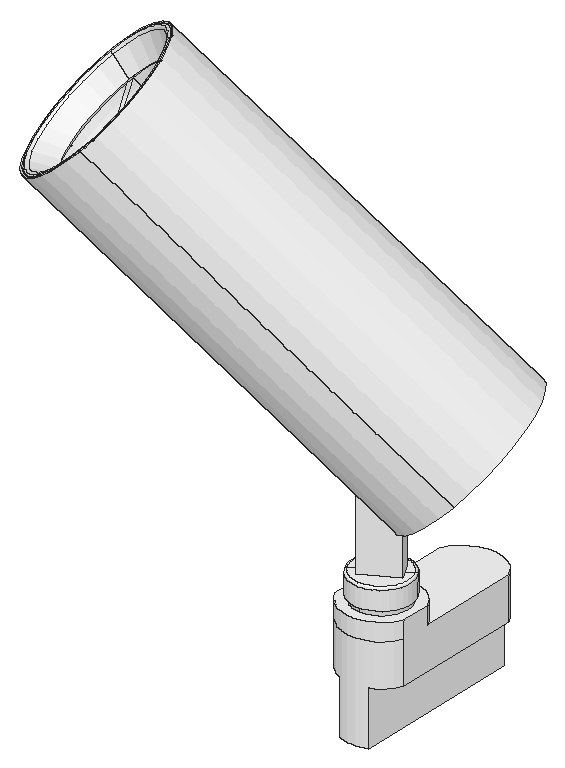
Revit family "0005424 Sylvania Lighting Fixture START Track Spot Integral 930 MB WB WHT", category Lighting Fixtures, host Face, Revit 2017
Family settings
  Host = Face
  Round Connector Dimension = Use Diameter
  Part Type = Normal
  OmniClass Number = 23.80.70.00
  OmniClass Title = Lighting
  Cut with Voids When Loaded = No
  Light Source = No
  Shared = No
  Room Calculation Point = No
Parameters (values of type "0005424 ST TRK SPT INTGRL 2700LM 930 MB WHT")
  Weight = "7.04 kg"
  Wattage Comments = ""
  WarrantyStartDate [instance] = "n/a"
  WarrantyGuarantorParts = "n/a"
  WarrantyDurationUnit = "n/a"
  WarrantyDurationParts = "n/a"
  WarrantyDescription = "n/a"
  Voltage = 230 V
  VerticalRotation_SYL [instance] = 60.00°
  VerticalEndAngle_SYL [instance] = VerticalRotation_SYL - 180.00°  # -120.00°
  URL = "http://www.sylvania-lighting.com"
  TypeName = "START Track Spot Integral 2700lm 930 MB WB WHT"
  TypeHead_SYL = START Track Spot Integral Head : 0005424 ST TRK SPT INTGRL 2700LM 930 MB WHT
  TypeArm_SYL = START Track Spot Integral Arm : START Track Spot Integral WH
  Type Image = <None>
  Type Comments = "n/a"
  SerialNumber [instance] = "n/a"
  Material_3_SYL = none
  PowerFactor = 0
  PowerConsumption = "33 W"
  NominalLength = 0 mm
  NominalHeight = 0 mm
  NominalDepth = 0 mm
  Name = "START Track Spot Integral 2700lm 930 MB WB WHT"
  ModelReference = Name  # "START Track Spot Integral 2700lm 930 MB WB WHT"
  ModelNumber = "0005424"
  Model = Name  # "START Track Spot Integral 2700lm 930 MB WB WHT"
  Material = "n/a"
  ManufacturerName = "Feilo Sylvania"
  Manufacturer = "Feilo Sylvania"
  LuminousEfficacy = "90.90 lm/W"
  LuminaireType = ""
  LightOutputRatio = "n/a"
  LampsType = Lamp  # "LED"
  LampNominalLuminous = "2700 lm"
  LampMacAdamStep = "3"
  LampColourTemperature = "3000"
  LampColourRenderingIndex = "90"
  Lamp = "LED"
  Keynote = "16500"
  InstallationDate [instance] = "n/a"
  InputVoltage = "220-240V~"
  InputNominalFrequency = "50/60 Hz"
  IngressProtection = "IP20"
  ImpactProtectionIndex = "IK03"
  IfcExportType = "IfcLightFixtureType"
  IfcExportAs = "IfcLightFixtureType"
  HorizontalRotation_SYL [instance] = 45.00°
  ExpectedLife = 50000
  ElectricShockClassification = "Class I"
  DurationUnit = "hours"
  DocumentationLiterature = "http://www.sylvania-lighting.com/product/en-int/products/0005424"
  DimmingControlOptions = "Non dimmable"
  Material_2_SYL = Spacer-Sylvania-StartTrackSpot-Aluminium
  Description = ""
  Default Elevation = 1219.2 mm
  CreatedOn = "9/6/2018"
  CreatedBy = ""
  Cost = 0
  built-in parameter 1114216 [instance] = (empty or 0)
  ClassificationValue = "EF_70_80"
  ClassificationName = "Uniclass2015"
  Material_1_SYL = Body-Sylvania-StartTrackSpot-White
  BarCode [instance] = "n/a"
  AssetType = "Fixed"
  AssetIdentifier [instance] = "n/a"
  Assembly Code = "D5020200"
  Apparent Load = 33 VA
  Material_4_SYL = none
Types (2, lengths in mm): name | TypeName | TypeHead_SYL | Name | ModelReference | Model | LuminousEfficacy | LampNominalLuminous
  0005424 ST TRK SPT INTGRL 2700LM 930 MB WHT | "START Track Spot Integral 2700lm 930 MB WB WHT" | START Track Spot Integral Head : 0005424 ST TRK SPT INTGRL 2700LM 930 MB WHT | "START Track Spot Integral 2700lm 930 MB WB WHT" | "START Track Spot Integral 2700lm 930 MB WB WHT" | "START Track Spot Integral 2700lm 930 MB WB WHT" | "90.90 lm/W" | "2700 lm"
  0005424 ST TRK SPT INTGRL 2800LM 930 WB WHT | "START Track Spot Integral 2800lm 930 MB WB WHT" | START Track Spot Integral Head : 0005424 ST TRK SPT INTGRL 2800LM 930 WB WHT | "START Track Spot Integral 2800lm 930 MB WB WHT" | "START Track Spot Integral 2800lm 930 MB WB WHT" | "START Track Spot Integral 2800lm 930 MB WB WHT" | "93.93 lm/W" | "2800 lm"
Reference planes
  plane 1 "Center (Front/Back)": y = 0
  plane 2: z = 0
  plane 3 "Center (Left/Right)": x = 0
  plane 4: x = 16.6
  plane 5: x = -16.6
  plane 6: x = 7
  plane 7: x = -7
  plane 8: x = -12.8
  plane 9: y = 42
  plane 10: y = 42
  plane 11: y = -42
  plane 12: y = 31.4
  plane 13: y = -31.4
  plane 14: z = -26
  plane 15: z = 20.3
  plane 16: z = 28.5
  plane 17: z = 31.2
  plane 18: y = -17.4
  plane 19: y = -6.8
  plane 20: y = -24.4
Forms (mm)
  Extrusion 1, solid, material "Body-Sylvania-StartTrackSpot-White" <- "Material_1_SYL"
    sketch origin (0, 0, 0) x (1, 0, 0) y (0, 1, 0)
      loop
        line (-16.6, 31.4) -> (-16.6, -31.4)
        arc (-16.6, -31.4) -> (0, -42) -> (16.6, -31.4) r 18.298
        line (16.6, -31.4) -> (16.6, 31.4)
        arc (16.6, 31.4) -> (0, 42) -> (-16.6, 31.4) r 18.298
    from -26 to 20.3
  Extrusion 2, void
    sketch origin (0, 0, 0) x (1, 0, 0) y (0, 1, 0)
      loop
        arc (-7, 40.608) -> (-12.666, 36.907) -> (-16.6, 31.4) r 18.298
        line (-16.6, 31.4) -> (-16.6, -31.4)
        arc (-16.6, -31.4) -> (-12.666, -36.907) -> (-7, -40.608) r 18.298
        line (-7, -40.608) -> (-7, 40.608)
      loop
        line (16.6, -31.4) -> (16.6, 31.4)
        arc (16.6, 31.4) -> (12.666, 36.907) -> (7, 40.608) r 18.298
        line (7, 40.608) -> (7, -40.608)
        arc (7, -40.608) -> (12.666, -36.907) -> (16.6, -31.4) r 18.298
    from 0 to -26
  Extrusion 3, solid, material "Body-Sylvania-StartTrackSpot-White" <- "Material_1_SYL"
    sketch origin (1223.4, -4572, 20.3) x (0, -1, 0) y (-1, 0, 0)
      loop
        line (-4540.6, 1240) -> (-4554.6, 1240)
        arc (-4554.6, 1240) -> (-4565.2, 1223.4) -> (-4554.6, 1206.8) r 18.298
        line (-4554.6, 1206.8) -> (-4540.6, 1206.8)
        arc (-4540.6, 1206.8) -> (-4530, 1223.4) -> (-4540.6, 1240) r 18.298
    from -8.2 to 0
  Extrusion 4, solid, material "Spacer-Sylvania-StartTrackSpot-Aluminium" <- "Material_2_SYL"
    sketch origin (1223.4, -4572, 28.5) x (0, -1, 0) y (-1, 0, 0)
      loop
        circle (-4547.6, 1223.4) r 12.7
    from 0 to -2.7
  Revolve 5, solid, not visible
    sketch origin (1524, -24.4, 1219.2) x (1, 0, 0) y (0, 0, 1)
      loop
        line (-1524, -1188) -> (-1524, -1168.735) -> (-1531, -1168.735) -> (-1531, -1188) -> (-1524, -1188)
      axis (-1524, -1168.735) -> (-1524, -1188)
    angle from 60 <- "VerticalRotation_SYL" to -120 <- "VerticalEndAngle_SYL"
Cuts and joins
  Extrusion 2 cuts Extrusion 1
  joined: Extrusion 1, Extrusion 3
Lines and regions (mm)
  reference lines
    curve 1: circle (0, -24.4, 0) r 12.7 normal (0, 0, 1)
    curve 2: arc (-16.6, -31.4, 0) -> (0, -42, 0) -> (16.6, -31.4, 0) r 18.298
    curve 3: arc (-16.6, -17.4, 0) -> (0, -6.8, 0) -> (16.6, -17.4, 0) r 18.298
    curve 4: arc (-16.6, 31.4, 0) -> (0, 42, 0) -> (16.6, 31.4, 0) r 18.298
Dimensions and locks
  plane 6 to plane 3 "Center (Left/Right)" to plane 7 = 7 mm locked, 7 mm locked
  plane 4 to plane 3 "Center (Left/Right)" to plane 5 = 16.6 mm locked, 16.6 mm locked
  locked: plane 3 "Center (Left/Right)" to plane 8 at 12.8
  plane 11 to plane 1 "Center (Front/Back)" to plane 10 = 42 mm locked, 42 mm locked
  plane 13 to plane 1 "Center (Front/Back)" to plane 12 = 31.4 mm locked, 31.4 mm locked
  locked: plane 2 to plane 14 at 26
  locked: plane 15 to plane 2 at 20.3
  plane 17 to plane 16 to plane 15 = 2.7 mm locked, 8.2 mm locked
  locked: plane 13 to plane 18 at 14
  locked: plane 18 to plane 19 at 10.6
  equal spacing: plane 13, plane 20, plane 18
  locked: plane 20 to curve 2 at 0.698
  locked: curve 3 to plane 20 at 0.698
  aligned and locked: plane 2 to host face
  aligned and locked: level to host face
  aligned and locked: plane 3 "Center (Left/Right)" to curve 1
  aligned and locked: plane 20 to curve 1
  aligned and locked: plane 13 to curve 2  (x2)
  aligned and locked: plane 18 to curve 3  (x2)
  aligned and locked: plane 12 to curve 4  (x2)
  aligned and locked: plane 4 to curve 4
  aligned and locked: plane 3 "Center (Left/Right)" to curve 4
  aligned and locked: plane 5 to curve 2
  aligned and locked: plane 5 to curve 3
  aligned and locked: plane 4 to curve 3
  aligned and locked: plane 4 to curve 2
  aligned and locked: plane 12 to Extrusion 1 sketch curve
  aligned and locked: plane 13 to Extrusion 1 sketch curve
  aligned and locked: Extrusion 1 sketch curve to curve 4
  aligned and locked: Extrusion 1 sketch curve to curve 2
  aligned and locked: Extrusion 1 to plane 15
  aligned and locked: plane 14 to Extrusion 1
  aligned and locked: Extrusion 2 sketch curve to Extrusion 1  (x5)
  aligned and locked: Extrusion 2 sketch curve to plane 7
  aligned and locked: plane 14 to Extrusion 2
  aligned and locked: level to Extrusion 2
  aligned and locked: Extrusion 3 sketch curve to cut or joined group of Extrusion 1, Extrusion 2, Extrusion 3  (x2)
  aligned and locked: Extrusion 3 sketch curve to curve 3
  aligned and locked: cut or joined group of Extrusion 1, Extrusion 2, Extrusion 3 to Extrusion 3 sketch curve
  aligned and locked: Extrusion 3 to plane 16
  aligned and locked: plane 15 to Extrusion 3
  aligned and locked: Extrusion 4 sketch curve to curve 1
  aligned and locked: Extrusion 4 to plane 17
  aligned and locked: plane 16 to Extrusion 4
  aligned and locked: Revolve 5 sketch curve to plane 3 "Center (Left/Right)"
  aligned and locked: Extrusion 4 to Revolve 5 sketch curve
  aligned and locked: Revolve 5 sketch curve to Extrusion 4
  aligned and locked: plane 17 to nested 1
Automatic sketch dimensions
  host sketch curve to host sketch curve = 2438.4 mm  (x2)
  plane 12 to curve 4 = 7.698 mm
  plane 12 to Extrusion 2 sketch curve = 0 mm
  Extrusion 2 sketch curve to Extrusion 2 sketch curve = 0 mm  (x2)
  Extrusion 2 sketch curve to plane 6 = 0 mm
  Revolve 5 sketch curve to plane 7 = 0 mm
  Revolve 5 sketch curve to Revolve 5 sketch curve = 19.265 mm
  plane 14 to Revolve 5 sketch curve = 583.6 mm
  Revolve 5 sketch curve to Revolve 5 sketch curve = 2558.594 mm
  radius of curve 1 = 12.7 mm
Nested families
  nested 1: "START Track Spot Integral Arm" at (0, -24.4, 31.2) x (0, 0, -1) z (0.866, 0.5, 0), type <- "TypeArm_SYL", HorizontalRotation_SYL <- "HorizontalRotation_SYL", type "START Track Spot Integral WH"
    with HorizontalRotation_SYL 45.00°, HorizontalEndAngle_SYL -135.00°
  nested 2: "START Track Spot Integral Head" at (18.677, -13.617, 104.767) x (-0.5, 0.866, 0) z (0.6124, 0.3536, -0.7071), type <- "TypeHead_SYL", type "0005424 ST TRK SPT INTGRL 2700LM 930 MB WHT"
    with built-in parameter 1114216 (empty or 0)
Connectors
  electrical at (0, 0, 0), driven by "Apparent Load", driven by "PowerFactor", driven by "Voltage"
    settings: index 1, voltage 230 V, apparent load 33 VA, apparent load phase1 0 VA, apparent load phase2 0 VA, apparent load phase3 0 VA, power factor 0, load classification "Lighting", number of poles 1, system type 30, power factor state 1, is connector primary yes, connector utility no, sub classification motor no, connector description ""
Definition of nested family "START Track Spot Integral Arm"
  Parameters (values of type "START Track Spot Integral WH")
    URL = "http://www.sylvania-lighting.com"
    Type Image = (empty or 0)
    Type Comments = "n/a"
    Material_3_SYL = none
    Model = ""
    Manufacturer = "Feilo Sylvania"
    Keynote = ""
    Material_2_SYL = none
    HorizontalRotation_SYL [instance] = 0.00°
    HorizontalEndAngle_SYL [instance] = HorizontalRotation_SYL - 180.00°  # -180.00°
    Description = ""
    Default Elevation = 1219.2 mm
    Cost = 0
    Material_1_SYL = none
    Assembly Code = ""
    Material_4_SYL = none
  Types (2): name
    START Track Spot Integral WH
    START Track Spot Integral BL
  Reference planes
    plane 1 "Center (Front/Back)": y = 0
    plane 2: z = 0
    plane 3 "Center (Left/Right)": x = 0
    plane 4: x = -10
    plane 5: z = -14
    plane 6: z = -14
    plane 7: z = 14
    plane 8: x = -52
    plane 9: z = 9
    plane 10: z = -9
    plane 11: x = -60
    plane 12: y = 4.5
    plane 13: y = -4.5
    plane 14: x = -9
    plane 15: z = 13
    plane 16: z = 4
    plane 17: z = -4
    plane 18: x = -55
  Forms (mm)
    Extrusion 1, solid
      sketch origin (4.2, 0, 0) x (1, 0, 0) y (0, 1, 0)
        loop
          line (-1219.2, 1219.2) -> (-1219.2, -1219.2) -> (1219.2, -1219.2) -> (1219.2, 1219.2) -> (-1219.2, 1219.2)
      from 0 to -68.017
    Revolve 2, solid, material <- "Material_1_SYL"
      sketch origin (0, 0, 0) x (1, 0, 0) y (0, 0, 1)
        loop
          line (0, 0) -> (0, 14) -> (-9, 14)
          arc (-9, 14) -> (-9.707, 13.707) -> (-10, 13) r 1
          line (-10, 13) -> (-10, 0) -> (0, 0)
        axis (-10, 0) -> (0, 0)
      angle from 360 to 0
    Extrusion 3, solid, material <- "Material_1_SYL"
      sketch origin (0, 0, 0) x (1, 0, 0) y (0, 0, 1)
        loop
          line (-10, 9) -> (-55, 9)
          arc (-55, 9) -> (-58.536, 7.536) -> (-60, 4) r 5
          line (-60, 4) -> (-60, -4)
          arc (-60, -4) -> (-58.536, -7.536) -> (-55, -9) r 5
          line (-55, -9) -> (-10, -9) -> (-10, 9)
      from -4.5 to 4.5
    Revolve 4, solid, not visible
      sketch origin (-52, -4572, 2609.058) x (0, 0, 1) y (0, -1, 0)
        loop
          line (-2609.058, -4553.46) -> (-2609.058, -4590.54) -> (-2605.058, -4590.54) -> (-2605.058, -4553.46) -> (-2609.058, -4553.46)
        axis (-2609.058, -4553.46) -> (-2609.058, -4590.54)
      angle from 0 <- "HorizontalRotation_SYL" to -180 <- "HorizontalEndAngle_SYL"
  Dimensions and locks
    locked: plane 3 "Center (Left/Right)" to plane 4 at 10
    plane 7 to plane 2 to plane 6 = 14 mm locked, 14 mm locked
    locked: plane 4 to plane 8 at 42
    plane 13 to plane 1 "Center (Front/Back)" to plane 12 = 4.5 mm locked, 4.5 mm locked
    locked: plane 14 to plane 4 at 1
    locked: plane 7 to plane 15 at 1
    locked: plane 9 to plane 16 at 5
    locked: plane 17 to plane 10 at 5
    equal spacing: Revolve 4 sketch curve, plane 1 "Center (Front/Back)", Revolve 4 sketch curve
    locked: Revolve 4 sketch curve to plane 1 "Center (Front/Back)" at 18.54
    locked: plane 18 to plane 11 at 5
    locked: plane 4 to plane 11 at 50
    aligned and locked: plane 2 to Extrusion 1
    aligned and locked: level to Extrusion 1
    aligned and locked: level to Revolve 2 sketch curve  (x2)
    aligned and locked: plane 3 "Center (Left/Right)" to Revolve 2 sketch curve
    aligned and locked: Revolve 2 sketch curve to plane 7
    aligned and locked: plane 4 to Revolve 2 sketch curve
    aligned and locked: plane 15 to Revolve 2 sketch curve
    aligned and locked: plane 14 to Revolve 2 sketch curve
    aligned and locked: Revolve 2 sketch curve to plane 2
    aligned and locked: Extrusion 3 sketch curve to plane 9
    aligned and locked: plane 4 to Extrusion 3 sketch curve
    aligned and locked: plane 10 to Extrusion 3 sketch curve
    aligned and locked: Extrusion 3 sketch curve to plane 11
    aligned and locked: plane 13 to Extrusion 3
    aligned and locked: Extrusion 3 to plane 12
    aligned and locked: plane 16 to Extrusion 3 sketch curve
    aligned and locked: plane 17 to Extrusion 3 sketch curve
    aligned and locked: Revolve 4 sketch curve to level
    aligned and locked: Revolve 4 sketch curve to plane 16
    aligned and locked: Revolve 4 sketch curve to plane 2
    aligned and locked: plane 18 to Extrusion 3 sketch curve  (x2)
Definition of nested family "START Track Spot Integral Head"
  Parameters (values of type "0005432 ST TRK SPT INTGRL 5000LM 940 WB WHT")
    WidthCutOut_SYL = 9.5 mm  # constant formula
    Wattage Comments = "n/a"
    Wattage = 55 W
    built-in parameter 1150110 = 1 (stored number, unit not read)
    URL = "http://www.sylvania-lighting.com"
    Type Image = (empty or 0)
    Type Comments = "n/a"
    built-in parameter 1114217 = 1 (stored number, unit not read)
    Tilt Angle = 90.00°
    built-in parameter 1150109 = 1 (stored number, unit not read)
    built-in parameter 1150134 = 12
    built-in parameter 1150113 = 1 (stored number, unit not read)
    S_SYL = no
    RadiusLensOut_SYL = if(S_SYL, 21 mm, if(M_SYL, 30.5 mm, 33 mm))  # 33 mm
    RadiusLensHolder_SYL = 1.8 mm  # constant formula
    RadiusHead_SYL = if(S_SYL, 30 mm, if(M_SYL, 40 mm, 45.5 mm))  # 45.5 mm
    RadiusEmission_SYL = if(S_SYL, 8 mm, if(M_SYL, 16.5 mm, 16.5 mm))  # 16.5 mm
    Photometric Web File = "0005432 WB.ies"
    Material_3_SYL = none
    Model = "ST TRK SPT INTGRL 5000LM 940 WB WHT"
    Manufacturer = "Feilo Sylvania"
    M_SYL = no
    built-in parameter 1150105 = 397.89 (stored number, unit not read)
    Lumens = 5000 lm
    built-in parameter 1150115 = 1 (stored number, unit not read)
    built-in parameter 1150137 = (empty or 0)
    built-in parameter 1150139 = (empty or 0)
    built-in parameter 1150112 = 1 (stored number, unit not read)
    built-in parameter 1150114 = 1 (stored number, unit not read)
    Lamp = "LED"
    Keynote = "16500"
    Material_2_SYL = none
    built-in parameter 1150132 = (empty or 0)
    built-in parameter 1150102 = (empty or 0)
    built-in parameter 1150107 = 4000 (stored number, unit not read)
    built-in parameter 1150138 = (empty or 0)
    built-in parameter 1150106 = 3.9789 (stored number, unit not read)
    Height_SYL = if(S_SYL, 160 mm, if(M_SYL, 200 mm, 215 mm))  # 215 mm
    Emit from Circle Diameter = RadiusLensOut_SYL * 2  # 66 mm
    Emit Shape Visible in Rendering = no
    built-in parameter 1150104 = 8.4457 (stored number, unit not read)
    DistRotateAxisY_SYL = 16.8 mm  # constant formula
    Dimming Lamp Color Temperature Shift = (empty or 0)
    Description = ""
    DepthLens_SYL = 1.25 * (RadiusHead_SYL - 1 mm - RadiusLensOut_SYL)  # 14.375 mm
    DepthEmission_SYL = Height_SYL / 6.4  # 33.594 mm
    DepthCutOut_SYL = WidthCutOut_SYL * 2  # 19 mm
    Default Elevation = 1219.2 mm
    Cost = 0
    Color Filter = 16777215
    built-in parameter 1114216 [instance] = (empty or 0)
    Material_1_SYL = none
    built-in parameter 1114218 = 1 (stored number, unit not read)
    built-in parameter 1150133 = 10 (stored number, unit not read)
    Assembly Code = "D5020200"
    Apparent Load = 55 VA
    Material_4_SYL = none
  Types (24, lengths in mm): name | Wattage | built-in parameter 1150134 | S_SYL | RadiusLensOut_SYL | RadiusHead_SYL | RadiusEmission_SYL | Photometric Web File | Model | M_SYL | built-in parameter 1150105 | Lumens | built-in parameter 1150107 | built-in parameter 1150106 | Height_SYL | Emit from Circle Diameter | built-in parameter 1150104 | DepthLens_SYL | DepthEmission_SYL | Apparent Load
    0005433 ST TRK SPT INTGRL 5000LM 940 WB BLK | 55 W | 12 | no | 33 | 45.5 | 16.5 | "0005433 WB.ies" | "ST TRK SPT INTGRL 5000LM 940 WB BLK" | no | 397.89 (stored number, unit not read) | 5000 lm | 4000 (stored number, unit not read) | 3.9789 (stored number, unit not read) | 215 | 66 | 8.4457 (stored number, unit not read) | 14.375 | 33.594 | 55 VA
    0005433 ST TRK SPT INTGRL 5000LM 940 MB BLK | 55 W | 12 | no | 33 | 45.5 | 16.5 | "0005433 MB.ies" | "ST TRK SPT INTGRL 5000LM 940 MB BLK" | no | 397.89 (stored number, unit not read) | 5000 lm | 4000 (stored number, unit not read) | 3.9789 (stored number, unit not read) | 215 | 66 | 8.4457 (stored number, unit not read) | 14.375 | 33.594 | 55 VA
    0005432 ST TRK SPT INTGRL 5000LM 940 WB WHT | 55 W | 12 | no | 33 | 45.5 | 16.5 | "0005432 WB.ies" | "ST TRK SPT INTGRL 5000LM 940 WB WHT" | no | 397.89 (stored number, unit not read) | 5000 lm | 4000 (stored number, unit not read) | 3.9789 (stored number, unit not read) | 215 | 66 | 8.4457 (stored number, unit not read) | 14.375 | 33.594 | 55 VA
    0005432 ST TRK SPT INTGRL 5000LM 940 MB WHT | 55 W | 12 | no | 33 | 45.5 | 16.5 | "0005432 MB.ies" | "ST TRK SPT INTGRL 5000LM 940 MB WHT" | no | 397.89 (stored number, unit not read) | 5000 lm | 4000 (stored number, unit not read) | 3.9789 (stored number, unit not read) | 215 | 66 | 8.4457 (stored number, unit not read) | 14.375 | 33.594 | 55 VA
    0005431 ST TRK SPT INTGRL 3000LM 940 WB BLK | 33 W | 12 | no | 30.5 | 40 | 16.5 | "0005431 WB.ies" | "ST TRK SPT INTGRL 3000LM 940 WB BLK" | yes | 238.73 (stored number, unit not read) | 3000 lm | 4000 (stored number, unit not read) | 2.3873 (stored number, unit not read) | 200 | 61 | 8.4457 (stored number, unit not read) | 10.625 | 31.25 | 33 VA
    0005431 ST TRK SPT INTGRL 3000LM 940 MB BLK | 33 W | 12 | no | 30.5 | 40 | 16.5 | "0005431 MB.ies" | "ST TRK SPT INTGRL 3000LM 940 MB BLK" | yes | 238.73 (stored number, unit not read) | 3000 lm | 4000 (stored number, unit not read) | 2.3873 (stored number, unit not read) | 200 | 61 | 8.4457 (stored number, unit not read) | 10.625 | 31.25 | 33 VA
    0005430 ST TRK SPT INTGRL 3000LM 940 WB WHT | 33 W | 12 | no | 30.5 | 40 | 16.5 | "0005430 WB.ies" | "ST TRK SPT INTGRL 3000LM 940 WB WHT" | yes | 238.73 (stored number, unit not read) | 3000 lm | 4000 (stored number, unit not read) | 2.3873 (stored number, unit not read) | 200 | 61 | 8.4457 (stored number, unit not read) | 10.625 | 31.25 | 33 VA
    0005430 ST TRK SPT INTGRL 3000LM 940 MB WHT | 33 W | 12 | no | 30.5 | 40 | 16.5 | "0005430 MB.ies" | "ST TRK SPT INTGRL 3000LM 940 MB WHT" | yes | 238.73 (stored number, unit not read) | 3000 lm | 4000 (stored number, unit not read) | 2.3873 (stored number, unit not read) | 200 | 61 | 8.4457 (stored number, unit not read) | 10.625 | 31.25 | 33 VA
    0005429 ST TRK SPT INTGRL 1500LM 940 WB BLK | 17 W | 12 | yes | 21 | 30 | 8 | "0005429 WB.ies" | "ST TRK SPT INTGRL 1500LM 940 WB BLK" | no | 119.37 (stored number, unit not read) | 1500 lm | 4000 (stored number, unit not read) | 1.1937 (stored number, unit not read) | 160 | 42 | 8.1973 (stored number, unit not read) | 10 | 25 | 17 VA
    0005429 ST TRK SPT INTGRL 1500LM 940 MB BLK | 17 W | 12 | yes | 21 | 30 | 8 | "0005429 MB.ies" | "ST TRK SPT INTGRL 1500LM 940 MB BLK" | no | 119.37 (stored number, unit not read) | 1500 lm | 4000 (stored number, unit not read) | 1.1937 (stored number, unit not read) | 160 | 42 | 8.1973 (stored number, unit not read) | 10 | 25 | 17 VA
    0005428 ST TRK SPT INTGRL 1500LM 940 WB WHT | 17 W | 12 | yes | 21 | 30 | 8 | "0005428 WB.ies" | "ST TRK SPT INTGRL 1500LM 940 WB WHT" | no | 119.37 (stored number, unit not read) | 1500 lm | 4000 (stored number, unit not read) | 1.1937 (stored number, unit not read) | 160 | 42 | 8.1973 (stored number, unit not read) | 10 | 25 | 17 VA
    0005428 ST TRK SPT INTGRL 1500LM 940 MB WHT | 17 W | 12 | yes | 21 | 30 | 8 | "0005428 MB.ies" | "ST TRK SPT INTGRL 1500LM 940 MB WHT" | no | 119.37 (stored number, unit not read) | 1500 lm | 4000 (stored number, unit not read) | 1.1937 (stored number, unit not read) | 160 | 42 | 8.1973 (stored number, unit not read) | 10 | 25 | 17 VA
    0005427 ST TRK SPT INTGRL 4500LM 930 WB BLK | 55 W | (empty or 0) | no | 33 | 45.5 | 16.5 | "0005427 WB.ies" | "ST TRK SPT INTGRL 4500LM 930 WB BLK" | no | 358.1 (stored number, unit not read) | 4500 lm | 3000 (stored number, unit not read) | 3.581 (stored number, unit not read) | 215 | 66 | 7.6012 (stored number, unit not read) | 14.375 | 33.594 | 55 VA
    0005427 ST TRK SPT INTGRL 4500LM 930 MB BLK | 55 W | (empty or 0) | no | 33 | 45.5 | 16.5 | "0005427 MB.ies" | "ST TRK SPT INTGRL 4500LM 930 MB BLK" | no | 358.1 (stored number, unit not read) | 4500 lm | 3000 (stored number, unit not read) | 3.581 (stored number, unit not read) | 215 | 66 | 7.6012 (stored number, unit not read) | 14.375 | 33.594 | 55 VA
    0005426 ST TRK SPT INTGRL 4500LM 930 WB WHT | 55 W | (empty or 0) | no | 33 | 45.5 | 16.5 | "0005426 WB.ies" | "ST TRK SPT INTGRL 4500LM 930 WB WHT" | no | 358.1 (stored number, unit not read) | 4500 lm | 3000 (stored number, unit not read) | 3.581 (stored number, unit not read) | 215 | 66 | 7.6012 (stored number, unit not read) | 14.375 | 33.594 | 55 VA
    0005426 ST TRK SPT INTGRL 4500LM 930 MB WHT | 55 W | (empty or 0) | no | 33 | 45.5 | 16.5 | "0005426 MB.ies" | "ST TRK SPT INTGRL 4500LM 930 MB WHT" | no | 358.1 (stored number, unit not read) | 4500 lm | 3000 (stored number, unit not read) | 3.581 (stored number, unit not read) | 215 | 66 | 7.6012 (stored number, unit not read) | 14.375 | 33.594 | 55 VA
    0005425 ST TRK SPT INTGRL 2700LM 930 WB BLK | 33 W | (empty or 0) | no | 30.5 | 40 | 16.5 | "0005425 WB.ies" | "ST TRK SPT INTGRL 2700LM 930 WB BLK" | yes | 214.86 (stored number, unit not read) | 2700 lm | 3000 (stored number, unit not read) | 2.1486 (stored number, unit not read) | 200 | 61 | 7.6012 (stored number, unit not read) | 10.625 | 31.25 | 33 VA
    0005425 ST TRK SPT INTGRL 2700LM 930 MB BLK | 33 W | (empty or 0) | no | 30.5 | 40 | 16.5 | "0005425 MB.ies" | "ST TRK SPT INTGRL 2700LM 930 MB BLK" | yes | 214.86 (stored number, unit not read) | 2700 lm | 3000 (stored number, unit not read) | 2.1486 (stored number, unit not read) | 200 | 61 | 7.6012 (stored number, unit not read) | 10.625 | 31.25 | 33 VA
    0005424 ST TRK SPT INTGRL 2700LM 930 WB WHT | 33 W | (empty or 0) | no | 30.5 | 40 | 16.5 | "0005424 WB.ies" | "ST TRK SPT INTGRL 2700LM 930 WB WHT" | yes | 214.86 (stored number, unit not read) | 2700 lm | 3000 (stored number, unit not read) | 2.1486 (stored number, unit not read) | 200 | 61 | 7.6012 (stored number, unit not read) | 10.625 | 31.25 | 33 VA
    0005424 ST TRK SPT INTGRL 2700LM 930 MB WHT | 33 W | (empty or 0) | no | 30.5 | 40 | 16.5 | "0005424 MB.ies" | "ST TRK SPT INTGRL 2700LM 930 MB WHT" | yes | 214.86 (stored number, unit not read) | 2700 lm | 3000 (stored number, unit not read) | 2.1486 (stored number, unit not read) | 200 | 61 | 7.6012 (stored number, unit not read) | 10.625 | 31.25 | 33 VA
    0005423 ST TRK SPT INTGRL 1360LM 930 WB BLK | 17 W | (empty or 0) | yes | 21 | 30 | 8 | "0005423 WB.ies" | "ST TRK SPT INTGRL 1360LM 930 WB BLK" | no | 108.23 (stored number, unit not read) | 1360 lm | 3000 (stored number, unit not read) | 1.0823 (stored number, unit not read) | 160 | 42 | 7.4322 (stored number, unit not read) | 10 | 25 | 17 VA
    0005423 ST TRK SPT INTGRL 1360LM 930 MB BLK | 17 W | (empty or 0) | yes | 21 | 30 | 8 | "0005423 MB.ies" | "ST TRK SPT INTGRL 1360LM 930 MB BLK" | no | 108.23 (stored number, unit not read) | 1360 lm | 3000 (stored number, unit not read) | 1.0823 (stored number, unit not read) | 160 | 42 | 7.4322 (stored number, unit not read) | 10 | 25 | 17 VA
    0005422 ST TRK SPT INTGRL 1360LM 930 WB WHT | 17 W | (empty or 0) | yes | 21 | 30 | 8 | "0005422 WB.ies" | "ST TRK SPT INTGRL 1360LM 930 WB WHT" | no | 108.23 (stored number, unit not read) | 1360 lm | 3000 (stored number, unit not read) | 1.0823 (stored number, unit not read) | 160 | 42 | 7.4322 (stored number, unit not read) | 10 | 25 | 17 VA
    0005422 ST TRK SPT INTGRL 1360LM 930 MB WHT | 17 W | (empty or 0) | yes | 21 | 30 | 8 | "0005422 MB.ies" | "ST TRK SPT INTGRL 1360LM 930 MB WHT" | no | 108.23 (stored number, unit not read) | 1360 lm | 3000 (stored number, unit not read) | 1.0823 (stored number, unit not read) | 160 | 42 | 7.4322 (stored number, unit not read) | 10 | 25 | 17 VA
  Reference planes
    plane 1 "Center (Front/Back)": y = 0
    plane 2: z = 0
    plane 3 "Center (Left/Right)": x = 0
    plane 4: x = 45.5
    plane 5: z = 16.8
    plane 6: z = -198.2
    plane 7: x = 44.5
    plane 8: x = 33
    plane 9: x = 16.5
    plane 10: z = -183.825
    plane 11: z = -164.606
    plane 12: z = -11.2
    plane 13: x = 43.5
    plane 14: x = 38.25
    plane 15: z = -181.825
    plane 16: z = -162.606
    plane 17: z = -1
    plane 18: x = 4.75
    plane 19: x = -4.75
    plane 20: y = -45.5
    plane 21: y = -26.5
    plane 22: x = 42.5
    plane 23: y = -36
  Forms (mm)
    Extrusion 1, solid
      sketch origin (4.2, 0, 0) x (1, 0, 0) y (0, 1, 0)
        loop
          line (-1219.2, 1219.2) -> (-1219.2, -1219.2) -> (1219.2, -1219.2) -> (1219.2, 1219.2) -> (-1219.2, 1219.2)
      from 0 to -68.017
    Revolve 2, solid, material <- "Material_1_SYL"
      sketch origin (0, 0, 0) x (1, 0, 0) y (0, 0, 1)
        loop
          line (45.5, -198.2) -> (45.5, 16.8) -> (44.5, 16.8) -> (44.5, -198.2) -> (45.5, -198.2)
        axis (0, 16.8) -> (0, -198.2)
      angle from 360 to 0
    Revolve 3, solid, material <- "Material_1_SYL"
      sketch origin (0, 0, 0) x (1, 0, 0) y (0, 0, 1)
        loop
          line (44.5, 16.8) -> (43.5, 16.8)
          arc (43.5, 16.8) -> (38.25, 15.673) -> (33, 16.8) r 12.796
          line (33, 16.8) -> (0, 16.8) -> (0, -11.2) -> (44.5, -11.2) -> (44.5, 16.8)
        axis (0, 16.8) -> (0, -11.2)
      angle from 360 to 0
    Revolve 4, solid, material <- "Material_2_SYL"
      sketch origin (0, 0, 0) x (1, 0, 0) y (0, 0, 1)
        loop
          line (44.5, -181.825) -> (0, -181.825) -> (0, -183.825) -> (44.5, -183.825) -> (44.5, -181.825)
        axis (0, -181.825) -> (0, -183.825)
      angle from 360 to 0
    Revolve 5, solid
      sketch origin (0, 0, 0) x (1, 0, 0) y (0, 0, 1)
        loop
          line (0, -164.606) -> (16.5, -164.606)
          arc (16.5, -164.606) -> (30.37, -169.432) -> (38.25, -181.825) r 22.346
          line (38.25, -181.825) -> (44.5, -181.825) -> (44.5, -162.606) -> (0, -162.606) -> (0, -164.606)
        axis (0, -162.606) -> (0, -181.825)
      angle from 360 to 0
    Extrusion 6, void
      sketch origin (1524, -45.5, 1219.2) x (-1, 0, 0) y (0, 0, 1)
        loop
          line (1528.75, -1230.4) -> (1528.75, -1202.4) -> (1519.25, -1202.4) -> (1519.25, -1230.4) -> (1528.75, -1230.4)
      from 0 to 19
    Revolve 7, solid, material <- "Material_1_SYL"
      sketch origin (0, 0, 0) x (1, 0, 0) y (0, 0, 1)
        loop
          line (33, -183.825) -> (42.006, -197.453)
          arc (42.006, -197.453) -> (42.534, -197.999) -> (43.267, -198.2) r 1.437
          line (43.267, -198.2) -> (44.5, -198.2) -> (44.5, -183.825) -> (33, -183.825)
        axis (0, -183.825) -> (0, -198.2)
      angle from 360 to 0
  Cuts and joins
    Extrusion 6 cuts Revolve 3
    Extrusion 6 cuts Revolve 2
  Lines and regions (mm)
    reference lines
      curve 1: arc (33, 0, 16.8) -> (38.25, 0, 15.673) -> (43.5, 0, 16.8) r 12.796
      curve 2: line (33, 0, -183.825) -> (42.5, 0, -198.2)
  Dimensions and locks
    "RadiusHead_SYL": plane 4 to plane 3 "Center (Left/Right)"
    "DistRotateAxisY_SYL": plane 5 to plane 2
    "Height_SYL": plane 5 to plane 6
    locked: plane 4 to plane 7 at 1
    "RadiusLensOut_SYL": plane 8 to plane 3 "Center (Left/Right)"
    "RadiusEmission_SYL": plane 9 to plane 3 "Center (Left/Right)"
    "DepthLens_SYL": plane 10 to plane 6
    "DepthEmission_SYL": plane 11 to plane 6
    locked: plane 5 to plane 12 at 28
    locked: plane 4 to plane 13 at 2
    equal spacing: plane 13, plane 14, plane 8
    locked: plane 5 to curve 1 at 1.127
    locked: plane 15 to plane 10 at 2
    locked: plane 16 to plane 11 at 2
    locked: plane 2 to plane 17 at 1
    equal spacing: plane 18, plane 3 "Center (Left/Right)", plane 19
    "WidthCutOut_SYL": plane 18 to plane 19
    "RadiusHead_SYL": plane 20 to plane 1 "Center (Front/Back)"
    "DepthCutOut_SYL": plane 20 to plane 21
    locked: plane 4 to plane 22 at 3
    equal spacing: plane 20, plane 23, plane 21
    aligned and locked: plane 2 to Extrusion 1
    aligned and locked: level to Extrusion 1
    aligned and locked: plane 8 to curve 1
    aligned and locked: plane 13 to curve 1
    aligned and locked: plane 14 to curve 1
    aligned and locked: plane 5 to curve 1
    aligned and locked: Revolve 2 sketch curve to plane 3 "Center (Left/Right)"
    aligned and locked: Revolve 2 sketch curve to plane 6
    aligned and locked: Revolve 2 sketch curve to plane 4
    aligned and locked: plane 5 to Revolve 2 sketch curve
    aligned and locked: plane 7 to Revolve 2 sketch curve
    aligned and locked: Revolve 3 sketch curve to plane 3 "Center (Left/Right)"
    aligned and locked: Revolve 3 sketch curve to Revolve 2  (x3)
    aligned and locked: Revolve 3 sketch curve to plane 12
    aligned and locked: plane 3 "Center (Left/Right)" to Revolve 3 sketch curve
    aligned and locked: Revolve 3 sketch curve to curve 1
    aligned and locked: plane 5 to Revolve 3 sketch curve
    aligned and locked: Revolve 4 sketch curve to plane 3 "Center (Left/Right)"  (x2)
    aligned and locked: Revolve 4 sketch curve to plane 15
    aligned and locked: plane 7 to Revolve 4 sketch curve
    aligned and locked: Revolve 5 sketch curve to plane 3 "Center (Left/Right)"  (x2)
    aligned and locked: plane 3 "Center (Left/Right)" to Revolve 5 sketch curve
    aligned and locked: plane 9 to Revolve 5 sketch curve
    aligned and locked: plane 11 to Revolve 5 sketch curve
    aligned and locked: plane 14 to Revolve 5 sketch curve
    aligned and locked: plane 15 to Revolve 5 sketch curve
    aligned and locked: plane 12 to Extrusion 6 sketch curve
    aligned and locked: Extrusion 6 sketch curve to plane 19
    aligned and locked: Extrusion 6 sketch curve to plane 5
    aligned and locked: plane 18 to Extrusion 6 sketch curve
    aligned and locked: Extrusion 6 to plane 21
    aligned and locked: plane 20 to Extrusion 6
    aligned and locked: plane 10 to curve 2
    aligned and locked: plane 22 to curve 2
    aligned and locked: Revolve 7 sketch curve to plane 3 "Center (Left/Right)"
    aligned and locked: plane 10 to Revolve 7 sketch curve
    aligned and locked: Revolve 7 sketch curve to Revolve 4
    aligned and locked: Revolve 7 sketch curve to curve 2
    aligned and locked: plane 3 "Center (Left/Right)" to imposter light
    aligned and locked: imposter light to plane 1 "Center (Front/Back)"
    aligned and locked: imposter light to plane 10
  Automatic sketch dimensions
    Extrusion 1 sketch curve to Extrusion 1 sketch curve = 2438.4 mm  (x2)
    plane 6 to Revolve 2 sketch curve = 487.1 mm
    Revolve 2 sketch curve to plane 5 = 2571.558 mm
    plane 6 to Revolve 3 sketch curve = 487.1 mm
    Revolve 3 sketch curve to Revolve 3 sketch curve = 2566.685 mm
    plane 6 to Revolve 4 sketch curve = 487.1 mm
    Revolve 4 sketch curve to plane 5 = 2571.558 mm
    Revolve 5 sketch curve to plane 11 = 2 mm
    plane 6 to Revolve 5 sketch curve = 487.1 mm
    Revolve 5 sketch curve to plane 5 = 2571.558 mm
    Revolve 5 sketch curve to plane 7 = 0 mm
    Revolve 4 sketch curve to plane 10 = 0 mm
    curve 2 to plane 8 = 0 mm
    curve 1 to plane 14 = 0 mm
    curve 2 to plane 6 = 0 mm
    curve 1 to plane 13 = 0 mm
    Revolve 7 sketch curve to plane 6 = 0 mm
    Revolve 7 sketch curve to plane 22 = 0.494 mm
    Revolve 7 sketch curve to plane 13 = 0.233 mm
    plane 6 to Revolve 7 sketch curve = 474.6 mm
    Revolve 7 sketch curve to plane 5 = 2584.058 mm
